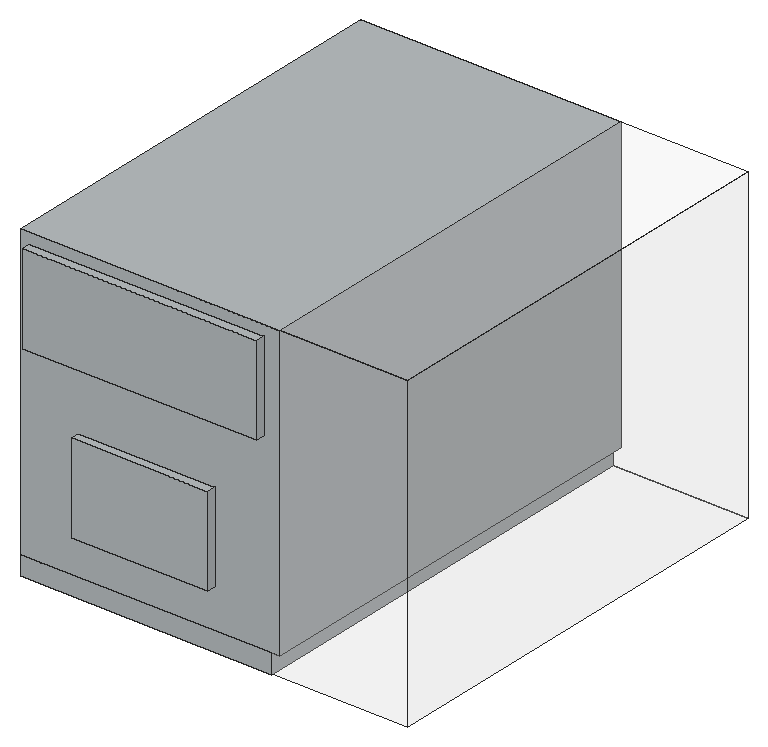
Revit family "lp-250x4-50_50Hz", category 機械設備, Revit 2019
Family settings
  丸型コネクタ寸法 = 直径を使用
  パーツ タイプ = 標準
  OmniClass 番号 = 23.75.10.34.21
  OmniClass タイトル = Heat Exchangers for Ventilation Air
  作業面ベース = いいえ
  常に垂直 = はい
  ロード時にボイドで切り取り = いいえ
  共有 = いいえ
  部屋計算ポイント = はい
Parameters (values of type "LP-250X4-50")
  騒音レベル(dB(A)) = 52.5
  風量 = 2500.0 m³/h
  面風速 = 2.58 m/s
  電源種別 [instance] = ""
  電圧 = 200 V
  電動機出力 = 1.5 W
  集中コントローラ = ""
  運転質量 = 0.00 kg
  連動 [instance] = ""
  質量 = if(製品質量 > 運転質量, 製品質量, 運転質量) * 1.2  # 540.00 kg
  負荷分類 = 3_ファン類
  説明 = "設備用ロスナイ ビル用ロスナイパック形"
  設計風量 = 0.0 m³/h
  設置方法 = "床置形"
  記号 [instance] = ""
  製造元 = "三菱電機株式会社"
  製品質量 = 450.00 kg
  製品出荷対象 = "国内"
  製品リリース年月 = "2018/7/25"
  製品グループ = ""
  系統 [instance] = ""
  符号 = "HEU"
  積算_科目 = "1 空気調和設備"
  積算_拾い区分 [instance] = ""
  相 = 3
  盤記号 [instance] = ""
  発停方法 [instance] = ""
  特殊仕様 [instance] = ""
  火災停止 [instance] = ""
  温度交換効率 = 77.00%
  消費電力 = 2500 W
  法定耐用年数 = "15"
  機外静圧_排気 = 393.0 Pa
  機外静圧 = 393.0 Pa
  極数 = 3
  材質 [instance] = ""
  本体固定用穴ピッチ2 = 565 mm
  本体固定用穴ピッチ1 = 1930 mm
  本体固定用穴_径 = 20 mm
  本体マテリアル = 溶融亜鉛めっき鋼板
  操作・制御方式 = ""
  操作・制御スイッチ = ""
  排気量 = 0.0 m³/h
  形式 = "床置形"
  幹線記号 [instance] = ""
  対象室 [instance] = ""
  実風量 = 0.0 m³/h
  始動方式 [instance] = "直入"
  外気量 = 0.0 m³/h
  呼称 = "全熱交換ユニット"
  周波数 = 50 Hz
  参照している仕様書等のバージョン = "公共建築工事標準仕様書（機械設備工事編）平成31年度版"
  初期抵抗 = 0.0 Pa
  分類コード = "50052504100050"
  分類グループ = ""
  価格 = 4895000
  企業コード = "108420"
  付属品_フィルター_還気 = ""
  付属品_フィルター = ""
  付属品 [instance] = ""
  仕様書バージョン = "Version1.0"
  モデル = "LP-250X4-50"
  メンテナンススペース = yes
  コメント [instance] = ""
  Keynote = ""
  エンタルピ交換効率_暖房 = 66.00%
  エンタルピ交換効率_冷房 = 60.00%
  Assembly Code = ""
  Width = 1218 mm
  W1 = 1180 mm
  Version = ""
  Uniclass2015Version = "Systems v1.9"
  Uniclass2015Title = "Thermal wheels"
  Uniclass2015Code = "Pr_60_60_36_88"
  URL = "https://www.mitsubishielectric.co.jp/ldg/wink/ssl/displayProduct.do?pid=294062"
  SpecificationReference = ""
  SpecificationDescription = ""
  SAサイズ_W = 640 mm
  SAサイズ_D = 420 mm
  Revision = ""
  RAダクト接続_通常 = yes
  RAダクト接続_変更1 = not(RAダクト接続_通常)  # no
  RAサイズ_W = 1100 mm
  RAサイズ_D = 420 mm
  ProductInformation = ""
  OmniClassCode = "23-27 23 19 11"
  OAダクト接続_通常 = yes
  OAダクト接続_変更1 = not(OAダクト接続_通常)  # no
  OAサイズ_W = 1100 mm
  OAサイズ_D = 420 mm
  MIN風量 = 0.0 m³/h
  MIN静圧 = 0.0 Pa
  MID風量 = 0.0 m³/h
  MID静圧 = 0.0 Pa
  MAX風量 = 2500.0 m³/h
  MAX静圧 = 393.0 Pa
  IfcTypeProduct = ""
  IfcProduct = ""
  IfcExportType = "ROTARYWHEEL"
  IfcExportAs = "IfcAirToAirHeatRecoveryType"
  Height = 1370 mm
  H1 = 90 mm
  EAサイズ_W = 640 mm
  EAサイズ_D = 420 mm
  Duct_SA_W = 273 mm
  Duct_SA_H = 274 mm
  Duct_RA_W = 43 mm
  Duct_RA_H = 296 mm
  Duct_RA_D = 49 mm
  Duct_OA_W = 43 mm
  Duct_OA_H = 296 mm
  Duct_OA_D = 49 mm
  Duct_Height = 41 mm
  Duct_EA_W = 273 mm
  Duct_EA_H = 274 mm
  Depth = 2000 mm
  D1 = 2000 mm
  Clearance Top = 0 mm
  Clearance Right = 600 mm
  Clearance Left = 0 mm
  Clearance Front = 0 mm
  Clearance Bottom = 0 mm
  Clearance Back = 0 mm
  Author = "三菱電機株式会社"
Reference planes
  plane 1 "中心(正面/背面)": y = 0
  plane 2: z = 0
  plane 3 "中心(左/右)": x = 0
  plane 4: x = 590
  plane 5: x = 628
  plane 6: y = 1000
  plane 7: y = 1000
  plane 8: y = -1000
  plane 9: y = -1000
  plane 10: x = -590
  plane 11: x = -590
  plane 12: y = 741
  plane 13: y = -741
  plane 14: y = -531
  plane 15: y = -951
  plane 16: y = 951
  plane 17: y = 531
  plane 18: x = -547
  plane 19: x = 553
  plane 20: z = 90
  plane 21: z = 1460
  plane 22: z = 1501
  plane 23: y = 565
  plane 24: y = -565
  plane 25: x = -965
  plane 26: x = 965
  plane 27: x = 1228
  plane 28: x = -590
  plane 29: y = 1000
  plane 30: y = -1000
  plane 31: z = 1460
  plane 32: z = 0
  plane 33: x = -317
  plane 34: x = 323
  plane 35: z = 274
  plane 36: z = 694
  plane 37: z = 990
  plane 38: z = 1410
  plane 39: x = -547
  plane 40: x = 553
  plane 41: y = -1041
  plane 42: y = 1041
  plane 43: x = -317
  plane 44: x = 323
  plane 45: z = 274
  plane 46: z = 694
  plane 47: z = 990
  plane 48: z = 1410
Forms (mm)
  Extrusion 1, solid, material "溶融亜鉛めっき鋼板" <- "本体マテリアル", detail levels fine
    sketch origin (0, 0, 0) x (1, 0, 0) y (0, 1, 0)
      loop
        line (-590, 1000) -> (-590, -1000) -> (628, -1000) -> (628, 1000) -> (-590, 1000)
    from 90 to 1460
  Extrusion 2, solid, material "溶融亜鉛めっき鋼板" <- "本体マテリアル", detail levels fine
    sketch origin (0, 0, 0) x (1, 0, 0) y (0, 1, 0)
      loop
        line (-590, 1000) -> (-590, -1000) -> (590, -1000) -> (590, 1000) -> (-590, 1000)
    from 0 to 90
  Extrusion 3, solid, material "溶融亜鉛めっき鋼板" <- "本体マテリアル", visible <- "RAダクト接続_変更1", detail levels fine
    sketch origin (0, 0, 0) x (1, 0, 0) y (0, 1, 0)
      loop
        line (-547, -951) -> (553, -951) -> (553, -531) -> (-547, -531) -> (-547, -951)
    from 1460 to 1501
  Extrusion 4, solid, material "溶融亜鉛めっき鋼板" <- "本体マテリアル", visible <- "OAダクト接続_変更1", detail levels fine
    sketch origin (0, 0, 0) x (1, 0, 0) y (0, 1, 0)
      loop
        line (-547, 951) -> (-547, 531) -> (553, 531) -> (553, 951) -> (-547, 951)
    from 1460 to 1501
  Extrusion 5, solid, material "溶融亜鉛めっき鋼板" <- "本体マテリアル", detail levels fine
    sketch origin (0, 0, 0) x (1, 0, 0) y (0, 0, 1)
      loop
        line (-317, 274) -> (323, 274) -> (323, 694) -> (-317, 694) -> (-317, 274)
    from 1000 to 1041
  Extrusion 6, solid, material "溶融亜鉛めっき鋼板" <- "本体マテリアル", detail levels fine
    sketch origin (0, 0, 0) x (1, 0, 0) y (0, 0, 1)
      loop
        line (323, 694) -> (-317, 694) -> (-317, 274) -> (323, 274) -> (323, 694)
    from -1041 to -1000
  Extrusion 7, solid, material "溶融亜鉛めっき鋼板" <- "本体マテリアル", visible <- "OAダクト接続_通常", detail levels fine
    sketch origin (0, -420, 0) x (1, 0, 0) y (0, 0, 1)
      loop
        line (-547, 990) -> (553, 990) -> (553, 1410) -> (-547, 1410) -> (-547, 990)
    from -1461 to -1420
  Extrusion 8, solid, material "溶融亜鉛めっき鋼板" <- "本体マテリアル", visible <- "RAダクト接続_通常", detail levels fine
    sketch origin (0, 240, 0) x (1, 0, 0) y (0, 0, 1)
      loop
        line (-547, 1410) -> (-547, 990) -> (553, 990) -> (553, 1410) -> (-547, 1410)
    from 1240 to 1281
Lines and regions (mm)
  Masking region 1, detail levels coarse+medium
    outline origin (1331.5, 88, 0) x (1, 0, 0) y (0, 1, 0)
      loop
        line (-1921.5, 912) -> (-1921.5, -1088) -> (-741.5, -1088) -> (-741.5, 912) -> (-1921.5, 912)
  symbolic lines, detail levels coarse+medium
    curve 1: line (0, 1000, 0) -> (-590, 0, 0)
    curve 2: line (-590, 0, 0) -> (0, -1000, 0)
    curve 3: line (0, -1000, 0) -> (590, 0, 0)
    curve 4: line (0, 1000, 0) -> (590, 0, 0)
Dimensions and locks
  equal spacing: plane 10, plane 3 "中心(左/右)", plane 4
  "W1": plane 10 to plane 4
  "Width": plane 11 to plane 5
  equal spacing: plane 7, plane 1 "中心(正面/背面)", plane 9
  "D1": plane 7 to plane 9
  equal spacing: plane 6, plane 1 "中心(正面/背面)", plane 8
  "Depth": plane 6 to plane 8
  equal spacing: plane 15, plane 13, plane 14
  "RAサイズ_D": plane 15 to plane 14
  equal spacing: plane 17, plane 12, plane 16
  "OAサイズ_D": plane 17 to plane 16
  "RAサイズ_W": plane 18 to plane 19
  locked: plane 11 to plane 10 at 0
  "H1": plane 20 to level
  "Height": plane 21 to plane 20
  "Duct_Height": plane 22 to plane 21
  "本体固定用穴ピッチ2": plane 1 "中心(正面/背面)" to plane 23
  "本体固定用穴ピッチ2": plane 24 to plane 1 "中心(正面/背面)"
  equal spacing: plane 25, plane 3 "中心(左/右)", plane 26
  "本体固定用穴ピッチ1": plane 25 to plane 26
  "Clearance Right": plane 5 to plane 27
  "Clearance Left": plane 28 to plane 11
  "Clearance Back": plane 29 to plane 6
  "Clearance Front": plane 8 to plane 30
  "Clearance Top": plane 31 to plane 21
  "Clearance Bottom": level to plane 32
  "Duct_RA_D": plane 8 to plane 15
  "Duct_OA_D": plane 6 to plane 16
  "Duct_SA_H": plane 35 to level
  "SAサイズ_D": plane 36 to plane 35
  "Duct_RA_H": plane 37 to plane 36
  "RAサイズ_D": plane 38 to plane 37
  "OAサイズ_W": plane 39 to plane 40
  "Duct_OA_W": plane 11 to plane 39
  "Duct_RA_W": plane 11 to plane 18
  "Duct_Height": plane 8 to plane 41
  "SAサイズ_W": plane 34 to plane 33
  "Duct_Height": plane 42 to plane 6
  "Duct_SA_W": plane 33 to plane 11
  "EAサイズ_D": plane 46 to plane 45
  "Duct_EA_H": plane 45 to level
  "Duct_EA_W": plane 43 to plane 11
  "EAサイズ_W": plane 44 to plane 43
  "OAサイズ_D": plane 48 to plane 47
  "Duct_OA_H": plane 47 to plane 46
  aligned and locked: level to plane 2
  aligned and locked: Extrusion 1 sketch curve to plane 6
  aligned and locked: plane 10 to Extrusion 1 sketch curve
  aligned and locked: Extrusion 1 sketch curve to plane 8
  aligned and locked: Extrusion 2 sketch curve to plane 7
  aligned and locked: plane 11 to Extrusion 2 sketch curve
  aligned and locked: Extrusion 2 sketch curve to plane 9
  aligned and locked: plane 15 to Extrusion 3 sketch curve
  aligned and locked: Extrusion 3 sketch curve to plane 18
  aligned and locked: plane 14 to Extrusion 3 sketch curve
  aligned and locked: Extrusion 3 sketch curve to plane 19
  aligned and locked: plane 9 to Masking region 1
  aligned and locked: Masking region 1 to plane 11
  aligned and locked: plane 7 to Masking region 1
  aligned and locked: Masking region 1 to curve 1
  aligned and locked: Masking region 1 to curve 2
  aligned and locked: plane 20 to Extrusion 2
  aligned and locked: plane 21 to Extrusion 1
  aligned and locked: Extrusion 1 to plane 20
  aligned and locked: plane 22 to Extrusion 3
  aligned and locked: Extrusion 3 to plane 21
  aligned and locked: plane 27 to nested 1
  aligned and locked: nested 1 to plane 30
  aligned and locked: nested 1 to plane 29
  aligned and locked: nested 1 to plane 31
  aligned and locked: nested 1 to plane 32
  aligned and locked: plane 9 to curve 2
  aligned and locked: plane 3 "中心(左/右)" to curve 3
  aligned and locked: plane 4 to curve 3
  aligned and locked: plane 3 "中心(左/右)" to curve 4
  aligned and locked: plane 1 "中心(正面/背面)" to curve 4
  aligned and locked: nested 2 to plane 24
  aligned and locked: plane 25 to nested 2
  aligned and locked: nested 2 to plane 26
  aligned and locked: plane 25 to nested 3
  aligned and locked: nested 3 to plane 26
  aligned and locked: plane 1 "中心(正面/背面)" to nested 3
  aligned and locked: plane 25 to nested 4
  aligned and locked: nested 4 to plane 26
  aligned and locked: nested 4 to plane 23
  aligned and locked: nested 1 to plane 28
  aligned and locked: Masking region 1 to plane 4
  aligned and locked: plane 4 to Extrusion 2 sketch curve
  aligned and locked: plane 5 to Extrusion 1 sketch curve
  aligned and locked: Extrusion 4 sketch curve to plane 16
  aligned and locked: plane 18 to Extrusion 4 sketch curve
  aligned and locked: Extrusion 4 sketch curve to plane 17
  aligned and locked: plane 22 to Extrusion 4
  aligned and locked: Extrusion 4 to plane 21
  aligned and locked: Extrusion 5 sketch curve to plane 35
  aligned and locked: Extrusion 5 sketch curve to plane 33
  aligned and locked: plane 36 to Extrusion 5 sketch curve
  aligned and locked: Extrusion 5 sketch curve to plane 34
  aligned and locked: Extrusion 5 to plane 41
  aligned and locked: Extrusion 5 to plane 8
  aligned and locked: Extrusion 6 to plane 42
  aligned and locked: Extrusion 6 to plane 6
  aligned and locked: Extrusion 7 to plane 42
  aligned and locked: Extrusion 7 to plane 6
  aligned and locked: Extrusion 8 sketch curve to plane 38
  aligned and locked: plane 18 to Extrusion 8 sketch curve
  aligned and locked: Extrusion 8 sketch curve to plane 37
  aligned and locked: plane 19 to Extrusion 8 sketch curve
  aligned and locked: Extrusion 8 to plane 41
  aligned and locked: Extrusion 8 to plane 8
  aligned and locked: plane 46 to Extrusion 6 sketch curve
  aligned and locked: plane 44 to Extrusion 6 sketch curve
  aligned and locked: Extrusion 6 sketch curve to plane 45
  aligned and locked: Extrusion 6 sketch curve to plane 43
  aligned and locked: Extrusion 7 sketch curve to plane 47
  aligned and locked: Extrusion 7 sketch curve to plane 18
  aligned and locked: Extrusion 7 sketch curve to plane 48
  aligned and locked: plane 40 to Extrusion 4 sketch curve
  aligned and locked: Extrusion 7 sketch curve to plane 40
Automatic sketch dimensions
  plane 1 "中心(正面/背面)" to curve 1 = 0 mm
  curve 1 to plane 10 = 0 mm
  curve 4 to plane 7 = 0 mm
  plane 9 to Masking region 1 sketch curve = 0 mm
  Masking region 1 sketch curve to plane 10 = 0 mm
  Masking region 1 sketch curve to plane 4 = 0 mm
  Masking region 1 sketch curve to plane 7 = 0 mm
Nested families
  nested 1: "メンテナンススペース" at (319, 0, 730), visible <- "メンテナンススペース", type "メンテナンススペース"
    with Width 1818 mm, Height 1460 mm, Depth 2000 mm
  nested 2: "固定点" at (-965, -565, 0), type "固定点"
    with W 1930 mm, D 1000 mm
  nested 3: "固定点" at (-965, 0, 0), type "固定点"
    with W 1930 mm, D 1000 mm
  nested 4: "固定点" at (-965, 565, 0), type "固定点"
    with W 1930 mm, D 1000 mm
Connectors
  electrical at (628, 0, 775), driven by "極数", driven by "負荷分類", driven by "電圧", driven by "消費電力"
    settings: on Extrusion 1, index 5, voltage 200 V, apparent load 2500 VA, apparent load phase1 0 VA, apparent load phase2 0 VA, apparent load phase3 0 VA, power factor 1, load classification "3_ファン類", number of poles 3, system type 30, power factor state 1, is connector primary yes, connector utility no, sub classification motor no, connector description ""
  hvac at (3, -1041, 484), driven by "SAサイズ_D", driven by "SAサイズ_W", driven by "機外静圧", driven by "風量"
    settings: on Extrusion 5, index 6, duct flow 2500.0 m³/h, flow factor 0, pres drop 393.0 Pa, loss coef 0, conn angle 0.00°, conn width 640 mm, conn height 420 mm, conn diameter 609.6 mm, duct sys type 1, conn prof type 1, flow config 0, flow direction 2, loss method 4, conn ref index -1, conn util no, is conn primary yes, conn desc ""
  hvac at (3, -1041, 1200), driven by "RAサイズ_D", driven by "RAサイズ_W", driven by "機外静圧", driven by "風量"
    settings: on Extrusion 8, index 8, duct flow 2500.0 m³/h, flow factor 0, pres drop 393.0 Pa, loss coef 0, conn angle 0.00°, conn width 1100 mm, conn height 420 mm, conn diameter 609.6 mm, duct sys type 2, conn prof type 1, flow config 0, flow direction 1, loss method 4, conn ref index -1, conn util no, is conn primary no, conn desc ""
  hvac at (3, -741, 1501), driven by "RAサイズ_D", driven by "RAサイズ_W"
    settings: on Extrusion 3, index 9, duct flow 0.0 m³/h, flow factor 0, pres drop 0.0 Pa, loss coef 0, conn angle 0.00°, conn width 1100 mm, conn height 420 mm, conn diameter 609.6 mm, duct sys type 2, conn prof type 1, flow config 0, flow direction 1, loss method 4, conn ref index -1, conn util no, is conn primary no, conn desc ""
  hvac at (3, 741, 1501), driven by "OAサイズ_D", driven by "OAサイズ_W", driven by "機外静圧", driven by "風量"
    settings: on Extrusion 4, index 10, duct flow 2500.0 m³/h, flow factor 0, pres drop 393.0 Pa, loss coef 0, conn angle 0.00°, conn width 1100 mm, conn height 420 mm, conn diameter 609.6 mm, duct sys type 4, conn prof type 1, flow config 0, flow direction 1, loss method 4, conn ref index -1, conn util no, is conn primary no, conn desc ""
  hvac at (3, 1041, 1200), driven by "OAサイズ_D", driven by "OAサイズ_W", driven by "機外静圧", driven by "風量"
    settings: on Extrusion 7, index 11, duct flow 2500.0 m³/h, flow factor 0, pres drop 393.0 Pa, loss coef 0, conn angle 0.00°, conn width 1100 mm, conn height 420 mm, conn diameter 609.6 mm, duct sys type 4, conn prof type 1, flow config 0, flow direction 1, loss method 4, conn ref index -1, conn util no, is conn primary no, conn desc ""
  hvac at (3, 1041, 484), driven by "EAサイズ_D", driven by "EAサイズ_W", driven by "機外静圧_排気", driven by "排気量"
    settings: on Extrusion 6, index 12, duct flow 0.0 m³/h, flow factor 0, pres drop 393.0 Pa, loss coef 0, conn angle 0.00°, conn width 640 mm, conn height 420 mm, conn diameter 609.6 mm, duct sys type 3, conn prof type 1, flow config 0, flow direction 2, loss method 4, conn ref index -1, conn util no, is conn primary no, conn desc ""
Definition of nested family "メンテナンススペース"
  Parameters (values of type "メンテナンススペース")
    Width [instance] = 500 mm
    Height [instance] = 500 mm
    Depth [instance] = 500 mm
  Reference planes
    plane 1 "中心(正面/背面)": y = 0
    plane 2: z = 0
    plane 3 "中心(左/右)": x = 0
    plane 4: y = -250
    plane 5: x = 250
    plane 6: y = 250
    plane 7: x = -250
    plane 8: z = 250
    plane 9: z = -250
  Forms (mm)
    Extrusion 1, solid
      sketch origin (-638.939, 0, 72.39) x (1, 0, 0) y (0, 1, 0)
        loop
          line (388.939, 250) -> (388.939, -250) -> (888.939, -250) -> (888.939, 250) -> (388.939, 250)
      from -322.39 to 177.61
  Lines and regions (mm)
    symbolic lines
      curve 1: line (-250, 0, 250) -> (250, 0, 250)
      curve 2: line (-250, 0, -250) -> (-250, 0, 250)
      curve 3: line (250, 0, -250) -> (-250, 0, -250)
      curve 4: line (250, 0, 250) -> (250, 0, -250)
      curve 5: line (0, -250, 250) -> (0, 250, 250)
      curve 6: line (0, -250, -250) -> (0, -250, 250)
      curve 7: line (0, 250, -250) -> (0, -250, -250)
      curve 8: line (0, 250, 250) -> (0, 250, -250)
      curve 9: line (-250, 250, 0) -> (250, 250, 0)
      curve 10: line (-250, -250, 0) -> (-250, 250, 0)
      curve 11: line (250, -250, 0) -> (-250, -250, 0)
      curve 12: line (250, 250, 0) -> (250, -250, 0)
  Dimensions and locks
    equal spacing: plane 7, plane 3 "中心(左/右)", plane 5
    equal spacing: plane 4, plane 1 "中心(正面/背面)", plane 6
    "Depth": plane 4 to plane 6
    "Width": plane 7 to plane 5
    equal spacing: plane 8, plane 2, plane 9
    "Height": plane 8 to plane 9
    aligned and locked: plane 9 to curve 3
    aligned and locked: plane 7 to curve 2
    aligned and locked: curve 4 to plane 5
    aligned and locked: plane 5 to Extrusion 1
    aligned and locked: Extrusion 1 to plane 7
    aligned and locked: Extrusion 1 to plane 9
    aligned and locked: plane 8 to Extrusion 1
    aligned and locked: plane 9 to curve 7
  Automatic sketch dimensions
    plane 4 to Extrusion 1 sketch curve = 0 mm
    Extrusion 1 sketch curve to plane 7 = 0 mm
    Extrusion 1 sketch curve to plane 5 = 0 mm
    plane 6 to Extrusion 1 sketch curve = 0 mm
    curve 2 to plane 8 = 0 mm
    plane 4 to curve 11 = 0 mm
    curve 11 to plane 7 = 0 mm
    curve 11 to plane 5 = 0 mm
    plane 6 to curve 10 = 0 mm
    curve 7 to plane 4 = 0 mm
    curve 7 to plane 6 = 0 mm
    curve 6 to plane 8 = 0 mm
Definition of nested family "固定点"
  Parameters (values of type "固定点")
    中心円 = 20 mm
    W [instance] = 1000 mm
    D [instance] = 1000 mm
  Reference planes
    plane 1 "中心(正面/背面)": y = 0
    plane 2: z = 0
    plane 3 "中心(左/右)": x = 0
    plane 4: x = 1000
  Lines and regions (mm)
    symbolic lines, detail levels fine
      curve 1: circle (0, 0, 0) r 10 normal (0, 0, 1)
      curve 2: circle (1000, 0, 0) r 10 normal (0, 0, 1)
      curve 3: line (-200, 0, 0) -> (1200, 0, 0)
      curve 4: line (0, 200, 0) -> (0, -200, 0)
      curve 5: line (1000, 200, 0) -> (1000, -200, 0)
  Dimensions and locks
    "W": plane 3 "中心(左/右)" to plane 4
    "中心円": diameter of curve 1
    "中心円": diameter of curve 2
    aligned and locked: level to plane 2
    aligned and locked: plane 3 "中心(左/右)" to curve 1
    aligned and locked: plane 1 "中心(正面/背面)" to curve 1
    aligned and locked: plane 1 "中心(正面/背面)" to curve 2
    aligned and locked: plane 4 to curve 2
    aligned and locked: plane 1 "中心(正面/背面)" to curve 3
    aligned and locked: curve 4 to plane 3 "中心(左/右)"
    aligned and locked: curve 5 to plane 4
  Automatic sketch dimensions
    curve 3 to plane 3 "中心(左/右)" = 200 mm
    curve 2 to curve 3 = 200 mm
    plane 1 "中心(正面/背面)" to curve 4 = 200 mm
    plane 1 "中心(正面/背面)" to curve 5 = 200 mm
    curve 5 to plane 1 "中心(正面/背面)" = 200 mm
    curve 4 to plane 1 "中心(正面/背面)" = 200 mm
